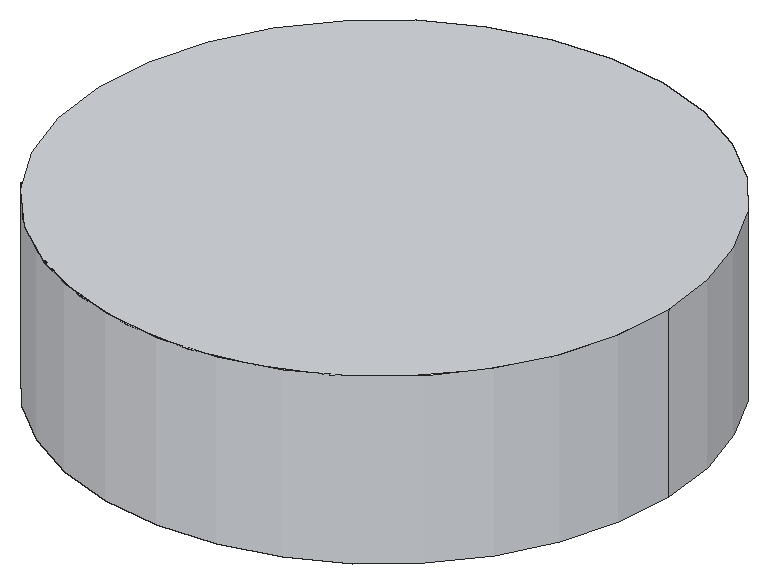
Revit family "Bernhardt-Design_Table_Clue_R42", category Furniture, Revit 2016
Family settings
  OmniClass Number = 23.40.20.00
  OmniClass Title = General Furniture and Specialties
  Work Plane-Based = No
  Always vertical = Yes
  Cut with Voids When Loaded = No
  Shared = No
  Room Calculation Point = No
Parameters (values of type "Bernhardt Design - Clue - CLS-R42")
  URL = "http://www.bernhardtdesign.com"
  SKU = "CLS-R42"
  Power Outlets [instance] = none
  Power Base [instance] = none
  Power = no
  Model = "Clue"  # constant formula
  Manufacturer = "Bernhardt Design"  # constant formula
  Feet = Plastic, Opaque Black
  Copyright © = "Copyright © Bernhardt Design"  # constant formula
  Wood Veneer [instance] = none
  Catalog = SKU  # "CLS-R42"
  Authoring Version = "Autodesk Revit 2016"  # constant formula
Types (3): name | Power
  (no name) | no
  Bernhardt Design - Clue - CLS-R42 | no
  Bernhardt Design - Clue - CLS-R42 w/ power module | yes
Reference planes (in)
  plane 1 "Center Front/Back": y = 0
  plane 2: z = 0
  plane 3 "Center Left/Right": x = 0
Forms (in)
  Extrusion 1, solid, material <- "Wood Veneer"
    sketch origin (0, 0, 0) x (1, 0, 0) y (0, 1, 0)
      loop
        circle (0, 0) r 21
    from 1.1811 to 13.58268
  Extrusion 2, solid, material <- "Wood Veneer"
    sketch origin (0, 0, 0) x (1, 0, 0) y (0, 1, 0)
      loop
        circle (0, -0.00003) r 12.00937
      loop
        circle (0, -0.00003) r 17.02759
    from 0.18745 to 1.1811
  Revolve 3, solid, material "Plastic, Opaque Black" <- "Feet"
    sketch origin (-7.69758, 13.26049, 0) x (1, 0, 0) y (0, 0, 1)
      loop
        line (1.79304, 0.18745) -> (1.79304, 0) -> (1.87802, 0)
        arc (1.87802, 0) -> (1.92387, 0.01079) -> (1.96123, 0.03946) r 0.11203
        arc (1.96123, 0.03946) -> (1.98298, 0.07621) -> (1.99122, 0.11811) r 0.12614
        line (1.99122, 0.11811) -> (1.99122, 0.18745) -> (1.79304, 0.18745)
      axis (1.79304, 0) -> (1.79304, 0.18745)
    angle from 0 to 360
  Revolve 4, solid, material "Plastic, Opaque Black" <- "Feet"
    sketch origin (4.1115, 13.26049, 0) x (1, 0, 0) y (0, 0, 1)
      loop
        line (1.79304, 0.18745) -> (1.79304, 0) -> (1.87802, 0)
        arc (1.87802, 0) -> (1.92387, 0.01079) -> (1.96123, 0.03946) r 0.11203
        arc (1.96123, 0.03946) -> (1.98298, 0.07621) -> (1.99122, 0.11811) r 0.12614
        line (1.99122, 0.11811) -> (1.99122, 0.18745) -> (1.79304, 0.18745)
      axis (1.79304, 0) -> (1.79304, 0.18745)
    angle from 0 to 360
  Revolve 5, solid, material "Plastic, Opaque Black" <- "Feet"
    sketch origin (12.56388, 2.14518, 0) x (1, 0, 0) y (0, 0, 1)
      loop
        line (1.79304, 0.18745) -> (1.79304, 0) -> (1.87802, 0)
        arc (1.87802, 0) -> (1.92387, 0.01079) -> (1.96123, 0.03946) r 0.11203
        arc (1.96123, 0.03946) -> (1.98298, 0.07621) -> (1.99122, 0.11811) r 0.12614
        line (1.99122, 0.11811) -> (1.99122, 0.18745) -> (1.79304, 0.18745)
      axis (1.79304, 0) -> (1.79304, 0.18745)
    angle from 0 to 360
  Revolve 6, solid, material "Plastic, Opaque Black" <- "Feet"
    sketch origin (12.56388, -2.153, 0) x (1, 0, 0) y (0, 0, 1)
      loop
        line (1.79304, 0.18745) -> (1.79304, 0) -> (1.87802, 0)
        arc (1.87802, 0) -> (1.92387, 0.01079) -> (1.96123, 0.03946) r 0.11203
        arc (1.96123, 0.03946) -> (1.98298, 0.07621) -> (1.99122, 0.11811) r 0.12614
        line (1.99122, 0.11811) -> (1.99122, 0.18745) -> (1.79304, 0.18745)
      axis (1.79304, 0) -> (1.79304, 0.18745)
    angle from 0 to 360
  Revolve 7, solid, material "Plastic, Opaque Black" <- "Feet"
    sketch origin (4.1115, -13.26314, 0) x (1, 0, 0) y (0, 0, 1)
      loop
        line (1.79304, 0.18745) -> (1.79304, 0) -> (1.87802, 0)
        arc (1.87802, 0) -> (1.92387, 0.01079) -> (1.96123, 0.03946) r 0.11203
        arc (1.96123, 0.03946) -> (1.98298, 0.07621) -> (1.99122, 0.11811) r 0.12614
        line (1.99122, 0.11811) -> (1.99122, 0.18745) -> (1.79304, 0.18745)
      axis (1.79304, 0) -> (1.79304, 0.18745)
    angle from 0 to 360
  Revolve 8, solid, material "Plastic, Opaque Black" <- "Feet"
    sketch origin (-7.69758, -13.26314, 0) x (1, 0, 0) y (0, 0, 1)
      loop
        line (1.79304, 0.18745) -> (1.79304, 0) -> (1.87802, 0)
        arc (1.87802, 0) -> (1.92387, 0.01079) -> (1.96123, 0.03946) r 0.11203
        arc (1.96123, 0.03946) -> (1.98298, 0.07621) -> (1.99122, 0.11811) r 0.12614
        line (1.99122, 0.11811) -> (1.99122, 0.18745) -> (1.79304, 0.18745)
      axis (1.79304, 0) -> (1.79304, 0.18745)
    angle from 0 to 360
  Revolve 9, solid, material "Plastic, Opaque Black" <- "Feet"
    sketch origin (-16.14993, -2.1525, 0) x (1, 0, 0) y (0, 0, 1)
      loop
        line (1.79304, 0.18745) -> (1.79304, 0) -> (1.87802, 0)
        arc (1.87802, 0) -> (1.92387, 0.01079) -> (1.96123, 0.03946) r 0.11203
        arc (1.96123, 0.03946) -> (1.98298, 0.07621) -> (1.99122, 0.11811) r 0.12614
        line (1.99122, 0.11811) -> (1.99122, 0.18745) -> (1.79304, 0.18745)
      axis (1.79304, 0) -> (1.79304, 0.18745)
    angle from 0 to 360
  Revolve 10, solid, material "Plastic, Opaque Black" <- "Feet"
    sketch origin (-16.14997, 2.15141, 0) x (1, 0, 0) y (0, 0, 1)
      loop
        line (1.79304, 0.18745) -> (1.79304, 0) -> (1.87802, 0)
        arc (1.87802, 0) -> (1.92387, 0.01079) -> (1.96123, 0.03946) r 0.11203
        arc (1.96123, 0.03946) -> (1.98298, 0.07621) -> (1.99122, 0.11811) r 0.12614
        line (1.99122, 0.11811) -> (1.99122, 0.18745) -> (1.79304, 0.18745)
      axis (1.79304, 0) -> (1.79304, 0.18745)
    angle from 0 to 360
Dimensions and locks (in)
  aligned and locked: level to plane 2
Nested families (in)
  nested 1: "Clue_power" at (0, -0.00003, 13.58268), Power Base <- "Power Base", Power Outlets <- "Power Outlets", visible <- "Power", type "Clue_power"
    with Power Outlets none, Power Base none
Definition of nested family "Clue_power"
  Parameters (values of type "Clue_power")
    URL = "http://www.bernhardtdesign.com"
    Power Outlets [instance] = none
    Power Base [instance] = none
    Model = ""
    Manufacturer = "Bernhardt Design"  # constant formula
    Copyright © = "Copyright © Bernhardt Design"  # constant formula
    Catalog = ""
    Authoring Version = "Autodesk Revit 2016"  # constant formula
  Reference planes (in)
    plane 1 "Center Front/Back": y = 0
    plane 2: z = 0
    plane 3 "Center Left/Right": x = 0
  Forms (in)
    Revolve 1, solid, material <- "Power Base"
      sketch origin (0, 0, 0) x (0, 1, 0) y (0, 0, 1)
        loop
          arc (1.6825, 0) -> (1.67392, 0.04473) -> (1.6473, 0.08169) r 0.1056
          arc (1.6473, 0.08169) -> (0.82894, 0.2153) -> (0, 0.2361) r 6.06808
          line (0, 0.2361) -> (0, 0) -> (1.6825, 0)
        axis (0, 0.2361) -> (0, 0)
      angle from 0 to 360
    Extrusion 2, solid, material <- "Power Outlets"
      sketch origin (0, 0, 0) x (1, 0, 0) y (0, 1, 0)
        loop
          line (-0.75148, 1.15592) -> (-0.75148, -1.19925)
          arc (-0.75148, -1.19925) -> (-0.67323, -1.35002) -> (-0.51449, -1.4105) r 0.23856
          line (-0.51449, -1.4105) -> (0.5165, -1.4105)
          arc (0.5165, -1.4105) -> (0.68266, -1.34167) -> (0.75148, -1.17551) r 0.23498
          line (0.75148, -1.17551) -> (0.75148, 1.19926)
          arc (0.75148, 1.19926) -> (0.67415, 1.35121) -> (0.51498, 1.41233) r 0.23778
          line (0.51498, 1.41233) -> (-0.53896, 1.41233)
          arc (-0.53896, 1.41233) -> (-0.69806, 1.32792) -> (-0.75148, 1.15592) r 0.23633
        loop
          line (-0.61952, 1.17561) -> (-0.61952, -1.17715)
          arc (-0.61952, -1.17715) -> (-0.58906, -1.25067) -> (-0.51554, -1.28113) r 0.10398
          line (-0.51554, -1.28113) -> (0.51806, -1.28113)
          arc (0.51806, -1.28113) -> (0.58999, -1.25134) -> (0.61978, -1.17941) r 0.10172
          line (0.61978, -1.17941) -> (0.61978, 1.17733)
          arc (0.61978, 1.17733) -> (0.58933, 1.25086) -> (0.5158, 1.28132) r 0.10398
          line (0.5158, 1.28132) -> (-0.51555, 1.28132)
          arc (-0.51555, 1.28132) -> (-0.58968, 1.25025) -> (-0.61952, 1.17561) r 0.10398
      from 0.06006 to 0.30371
    Extrusion 3, void
      sketch origin (0, 0, 0) x (0, 1, 0) y (0, 0, 1)
        loop
          line (1.41233, 0.15499) -> (1.53943, 0.15499) -> (1.53943, 0.42603) -> (-1.53671, 0.42603) -> (-1.53671, 0.15499) -> (-1.41233, 0.15499)
          arc (-1.41233, 0.15499) -> (-1.34983, 0.19077) -> (-1.28065, 0.21075) r 0.30249
          arc (-1.28065, 0.21075) -> (-0.6424, 0.2859) -> (0, 0.30373) r 7.1871
          arc (0, 0.30373) -> (0.6424, 0.2859) -> (1.28065, 0.21075) r 7.1871
          arc (1.28065, 0.21075) -> (1.34983, 0.19077) -> (1.41233, 0.15499) r 0.30249
      from -0.98874 to 1.00889
    Extrusion 4, solid, material <- "Power Outlets"
      sketch origin (0, 0, 0) x (1, 0, 0) y (0, 1, 0)
        loop
          line (-0.53791, -0.11341) -> (-0.53791, -1.19581) -> (0.53709, -1.19581) -> (0.53709, -0.11341) -> (-0.53791, -0.11341)
        loop
          line (-0.53791, 0.11341) -> (0.53709, 0.11341) -> (0.53709, 1.19581) -> (-0.53791, 1.19581) -> (-0.53791, 0.11341)
      from 0.06006 to 0.3696
    Extrusion 5, void
      sketch origin (0, 0, -0.00588) x (0, 1, 0) y (0, 0, 1)
        loop
          line (1.41233, 0.15499) -> (1.53943, 0.15499) -> (1.53943, 0.42603) -> (-1.53671, 0.42603) -> (-1.53671, 0.15499) -> (-1.41233, 0.15499)
          arc (-1.41233, 0.15499) -> (-1.34983, 0.19077) -> (-1.28065, 0.21075) r 0.30249
          arc (-1.28065, 0.21075) -> (-0.6424, 0.2859) -> (0, 0.30373) r 7.1871
          arc (0, 0.30373) -> (0.6424, 0.2859) -> (1.28065, 0.21075) r 7.1871
          arc (1.28065, 0.21075) -> (1.34983, 0.19077) -> (1.41233, 0.15499) r 0.30249
      from -0.98874 to 1.00889
    Extrusion 6, void
      sketch origin (0, 0, 0) x (1, 0, 0) y (0, 1, 0)
        loop
          line (-0.27547, 0.88145) -> (-0.27547, 0.65358) -> (0.27793, 0.65358) -> (0.27793, 0.88145) -> (-0.27547, 0.88145)
        loop
          line (-0.27547, 0.53657) -> (-0.27547, 0.3087) -> (0.27793, 0.3087) -> (0.27793, 0.53657) -> (-0.27547, 0.53657)
        loop
          line (-0.35891, -0.22508) -> (-0.35891, -0.69469) -> (-0.14191, -0.69469) -> (-0.14191, -0.22508) -> (-0.35891, -0.22508)
        loop
          line (0.13909, -0.25998) -> (0.13909, -0.6598) -> (0.36009, -0.6598) -> (0.36009, -0.25998) -> (0.13909, -0.25998)
        loop
          line (0.15909, -1.10249) -> (0.15909, -0.9556)
          arc (0.15909, -0.9556) -> (0.11249, -0.8431) -> (0, -0.79651) r 0.15909
          arc (0, -0.79651) -> (-0.11307, -0.84335) -> (-0.15991, -0.95642) r 0.15991
          line (-0.15991, -0.95642) -> (-0.15991, -1.10249) -> (0.15909, -1.10249)
      from 0.09737 to 0.49805
  Cuts and joins
    Extrusion 3 cuts Extrusion 2
    Extrusion 5, Extrusion 6 cuts Extrusion 4
  Dimensions and locks (in)
    Extrusion 4 to plane 1 "Center Front/Back" = 0.11341"
    aligned and locked: level to plane 2
